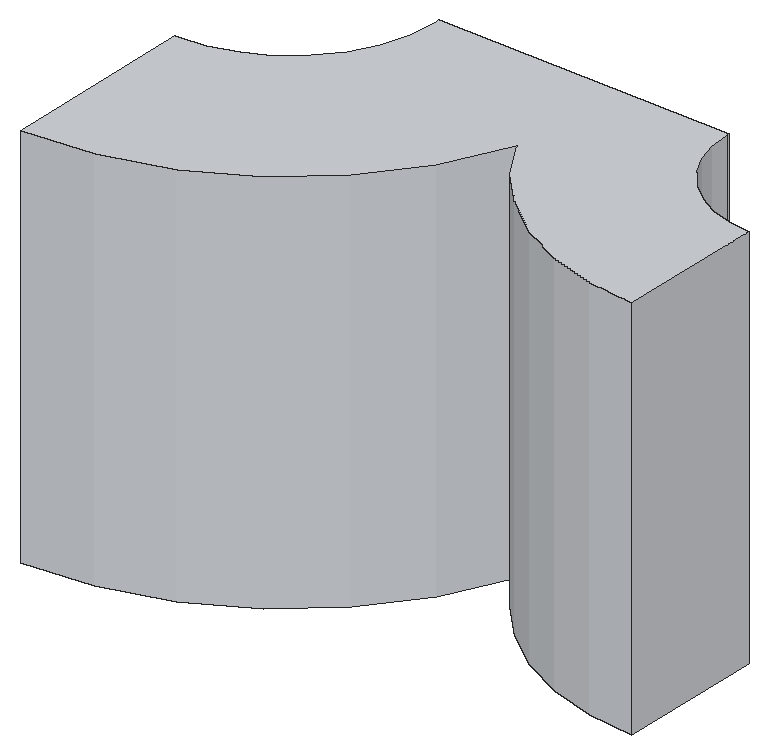
Revit family "M_Rectangular Wye - Curved - Transition", category Duct Fittings, Revit 2014
Parameters (values of type "Standard")
  Width 1 [instance] = 5 / 8 * (Duct Width 1 - Duct Width 2) + Radius 2  # 218.75 mm
  Shoulder [instance] = 3.175 mm  # constant formula
  Radius 1 [instance] = 1.25 * Duct Width 1  # 250 mm
  Radius 2 [instance] = 1.25 * Duct Width 2  # 187.5 mm
  Length 2 [instance] = 0.5 * Duct Width 3 + 0.75 * Duct Width 2  # 262.5 mm
  Length 1 [instance] = 0.5 * Duct Width 3 + 0.75 * Duct Width 1  # 300 mm
  Duct Width 3 [instance] = 300 mm
  Duct Width 2 [instance] = 150 mm
  Duct Width 1 [instance] = 200 mm
  Duct Height [instance] = 400 mm
Reference planes
  plane 1 "Center (Front/Back)": y = 0
  plane 2: z = 0
  plane 3 "Center (Left/Right)": x = 0
  plane 4: y = 218.75
  plane 5: y = 31.25
  plane 6: y = -31.25
  plane 7: x = -300
  plane 8: x = 262.5
  plane 9: y = 221.925
Forms (mm)
  Sweep 1, solid, detail levels medium+fine
    path in 3D
      loop
        arc (-50, 218.75, 0) -> (-123.223, 41.973, 0) -> (-300, -31.25, 0) r 250
    profile "M_Duct - Rectangular : Duct - Rectangular 1" origin (-123.223, 41.973, 0) x (0.707107, -0.707107, 0) y (0, 0, 1)
      loop
        line (-100, 200) -> (-100, -200) -> (100, -200) -> (100, 200) -> (-100, 200)
  Sweep 2, solid, detail levels medium+fine
    path in 3D
      loop
        arc (75, 218.75, 0) -> (129.917, 86.167, 0) -> (262.5, 31.25, 0) r 187.5
    profile "M_Duct - Rectangular : Duct - Rectangular 2" origin (129.917, 86.167, 0) x (0.707107, 0.707107, 0) y (0, 0, 1)
      loop
        line (-75, 200) -> (-75, -200) -> (75, -200) -> (75, 200) -> (-75, 200)
  Sweep 3, solid, detail levels medium+fine
    path in 3D
      loop
        line (0, 221.925, 0) -> (0, 218.75, 0)
    profile "M_Duct - Rectangular : Duct - Rectangular 3" origin (0, 220.337, 0) x (1, 0, 0) y (0, 0, 1)
      loop
        line (-150, 200) -> (-150, -200) -> (150, -200) -> (150, 200) -> (-150, 200)
Cuts and joins
  joined: Sweep 1, Sweep 2, Sweep 3
Lines and regions (mm)
  model lines, detail levels coarse
    curve 1: arc (-50, 218.75, 0) -> (-123.223, 41.973, 0) -> (-300, -31.25, 0) r 250
    curve 2: arc (75, 218.75, 0) -> (129.917, 86.167, 0) -> (262.5, 31.25, 0) r 187.5
    curve 5: line (0, 221.925, 0) -> (0, 218.75, 0)
  sketch lines
    curve 3: arc (-50, 218.75, 0) -> (-123.223, 41.973, 0) -> (-300, -31.25, 0) r 250
    curve 4: arc (75, 218.75, 0) -> (129.917, 86.167, 0) -> (262.5, 31.25, 0) r 187.5
    curve 6: line (0, 221.925, 0) -> (0, 218.75, 0)
Dimensions and locks
  "Width 1": plane 1 "Center (Front/Back)" to plane 4
  "Radius 2": plane 5 to plane 4
  "Radius 1": plane 6 to plane 4
  "Length 1": plane 7 to plane 3 "Center (Left/Right)"
  "Length 2": plane 3 "Center (Left/Right)" to plane 8
  "Shoulder": plane 4 to plane 9
  "Radius 1": radius of curve 1
  "Radius 2": radius of curve 2
  aligned and locked: plane 7 to curve 1
  aligned and locked: plane 4 to curve 1
  aligned and locked: plane 4 to curve 2
  aligned and locked: plane 8 to curve 2
  aligned and locked: curve 5 to plane 3 "Center (Left/Right)"
  aligned and locked: plane 9 to curve 5
  aligned and locked: plane 4 to curve 5
Connectors
  hvac at (-300, -31.25, 0), driven by "Duct Height", driven by "Duct Width 1"
    settings: on Sweep 1, index 1, duct flow 0.0 L/s, flow factor 0, pres drop 0.0 Pa, loss coef 0, conn angle 0.00°, conn width 200 mm, conn height 400 mm, conn diameter 609.6 mm, duct sys type 28, conn prof type 1, flow config 0, flow direction 0, loss method 0, conn ref index -1, conn util no, is conn primary yes, conn desc ""
  hvac at (262.5, 31.25, 0), driven by "Duct Height", driven by "Duct Width 2"
    settings: on Sweep 2, index 2, duct flow 0.0 L/s, flow factor 0, pres drop 0.0 Pa, loss coef 0, conn angle 0.00°, conn width 150 mm, conn height 400 mm, conn diameter 609.6 mm, duct sys type 28, conn prof type 1, flow config 0, flow direction 0, loss method 0, conn ref index -1, conn util no, is conn primary no, conn desc ""
  hvac at (0, 221.925, 0), driven by "Duct Height", driven by "Duct Width 3"
    settings: on Sweep 3, index 3, duct flow 0.0 L/s, flow factor 0, pres drop 0.0 Pa, loss coef 0, conn angle 0.00°, conn width 300 mm, conn height 400 mm, conn diameter 609.6 mm, duct sys type 28, conn prof type 1, flow config 0, flow direction 0, loss method 0, conn ref index -1, conn util no, is conn primary no, conn desc ""
